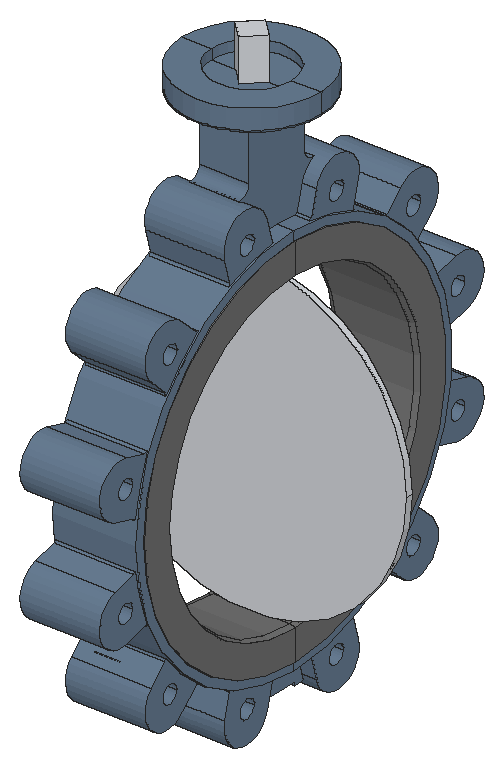
Revit family "Absperr- und Regulierklappe AF-4219", category Rohrzubehör, Revit 2021 (continued)
Lines and regions (mm)
  model lines, detail levels coarse+medium
    curve 5: line (-39, 183, 0) -> (39, -183, 0)
    curve 6: circle (0, 0, 0) r 5 normal (0, 0, 1)
    curve 7: line (-39, 0, 183) -> (-39, 0, -183)
    curve 8: line (-39, 0, -183) -> (39, 0, -183)
    curve 9: line (39, 0, -183) -> (39, 0, 183)
    curve 10: line (39, 0, 183) -> (-39, 0, 183)
    curve 11: line (39, 0, -183) -> (-39, 0, 183)
    curve 12: circle (0, 0, 0) r 5 normal (0, -1, 0)
Dimensions and locks
  "H01": Revolve 2 sketch curve to plane 2
  "H02": Revolve 2 sketch curve to Revolve 2 sketch curve
  "R01": Revolve 2 sketch curve to Revolve 2 sketch curve
  "D01": plane 2 to Revolve 1 sketch curve
  "D02": plane 2 to Revolve 1 sketch curve
  "D03": plane 2 to Revolve 1 sketch curve
  "L01": Revolve 1 sketch curve to plane 3 "Mitte (Links/rechts)"
  "L02": plane 3 "Mitte (Links/rechts)" to Revolve 1 sketch curve  (x2)
  "D05": Revolve 6 sketch curve to plane 2
  "D04": Revolve 6 sketch curve to plane 2  (x2)
  "D02": Revolve 6 sketch curve to plane 2  (x2)
  "L03": plane 3 "Mitte (Links/rechts)" to Revolve 6 sketch curve
  "L02": Revolve 6 sketch curve to plane 3 "Mitte (Links/rechts)"
  "L03": Revolve 6 sketch curve to plane 3 "Mitte (Links/rechts)"
  "L01": plane 3 "Mitte (Links/rechts)" to Revolve 1 sketch curve
  "D02": Revolve 1 sketch curve to plane 2
  "L02": plane 3 "Mitte (Links/rechts)" to Revolve 6 sketch curve
  "D03": plane 2 to Revolve 6 sketch curve
  "L04": Revolve 6 sketch curve to plane 3 "Mitte (Links/rechts)" to Revolve 6 sketch curve
  "L01": curve 2 to plane 3 "Mitte (Links/rechts)" to curve 4
  equal spacing: curve 3, curve 6, curve 1
  equal spacing: curve 2, curve 6, curve 4
  "D01": curve 1 to plane 1 "Mitte (Vorne/hinten)" to curve 3
  "L01": curve 7 to curve 12 to curve 9
  "D01": curve 10 to curve 12 to curve 8
  "H03": Revolve 2 sketch curve to Revolve 2 sketch curve
  "R02": Revolve 2 sketch curve to Revolve 2 sketch curve
  equal spacing: Extrusion 24 sketch curve, curve 11, Extrusion 24 sketch curve  (x2)
  "L05": Extrusion 24 sketch curve to Extrusion 24 sketch curve  (x2)
  "H04": Extrusion 24 to plane 2
  "H05": Extrusion 24 to Revolve 2
  "R99": radius of Revolve 2 sketch curve
  "D06": radius of Extrusion 7 sketch curve
  radius of curve 6 = 5.000 mm
  radius of curve 12 = 5.000 mm
  aligned and locked: level to plane 2
Automatic sketch dimensions
  Extrusion 3 sketch curve to Extrusion 3 sketch curve = 0.000 mm  (x20)
  Extrusion 3 sketch curve to level = 0.000 mm
  Extrusion 3 sketch curve to plane 1 "Mitte (Vorne/hinten)" = 0.000 mm
  plane 1 "Mitte (Vorne/hinten)" to Extrusion 3 sketch curve = 18.495 mm  (x2)
  Extrusion 3 sketch curve to Extrusion 3 sketch curve = 1.414 mm  (x16)
  Extrusion 3 sketch curve to Extrusion 3 sketch curve = 12.265 mm  (x8)
  Extrusion 3 sketch curve to level = 19.909 mm  (x2)
  Extrusion 3 sketch curve to Extrusion 3 sketch curve = 24.042 mm  (x8)
  level to Extrusion 3 sketch curve = 19.909 mm  (x2)
  Extrusion 3 sketch curve to Extrusion 3 sketch curve = 12.021 mm  (x12)
  Extrusion 3 sketch curve to plane 1 "Mitte (Vorne/hinten)" = 18.495 mm  (x2)
  Extrusion 3 sketch curve to Extrusion 3 sketch curve = 0.934 mm  (x4)
  Extrusion 4 sketch curve to level = 0.000 mm
  Extrusion 4 sketch curve to plane 1 "Mitte (Vorne/hinten)" = 0.000 mm
  plane 1 "Mitte (Vorne/hinten)" to Extrusion 4 sketch curve = 18.495 mm
  Extrusion 4 sketch curve to Extrusion 4 sketch curve = 1.414 mm  (x4)
  plane 1 "Mitte (Vorne/hinten)" to Extrusion 4 sketch curve = 20.000 mm
  Extrusion 4 sketch curve to Extrusion 4 sketch curve = 12.265 mm  (x2)
  Extrusion 4 sketch curve to Extrusion 4 sketch curve = 15.000 mm  (x2)
  Extrusion 4 sketch curve to Extrusion 4 sketch curve = 12.021 mm  (x4)
  Extrusion 4 sketch curve to plane 1 "Mitte (Vorne/hinten)" = 18.495 mm
  Extrusion 4 sketch curve to plane 1 "Mitte (Vorne/hinten)" = 20.000 mm
  level to Extrusion 4 sketch curve = 43.950 mm
  Extrusion 4 sketch curve to Extrusion 4 sketch curve = 0.000 mm
  Extrusion 4 sketch curve to Extrusion 4 sketch curve = 0.244 mm  (x2)
  Extrusion 4 sketch curve to Extrusion 4 sketch curve = 18.630 mm  (x2)
  Extrusion 4 sketch curve to Extrusion 4 sketch curve = 0.934 mm
  Extrusion 5 sketch curve to level = 0.000 mm
  Extrusion 5 sketch curve to plane 1 "Mitte (Vorne/hinten)" = 0.000 mm
  plane 1 "Mitte (Vorne/hinten)" to Extrusion 5 sketch curve = 15.000 mm
  Extrusion 5 sketch curve to Extrusion 5 sketch curve = 1.963 mm  (x2)
  Extrusion 5 sketch curve to Extrusion 5 sketch curve = 1.531 mm  (x2)
  Extrusion 5 sketch curve to Extrusion 5 sketch curve = 1.414 mm  (x4)
  Extrusion 5 sketch curve to Extrusion 5 sketch curve = 15.210 mm  (x2)
  Extrusion 5 sketch curve to Extrusion 5 sketch curve = 1.660 mm  (x2)
  Extrusion 5 sketch curve to Extrusion 5 sketch curve = 12.021 mm  (x3)
  Extrusion 5 sketch curve to plane 1 "Mitte (Vorne/hinten)" = 15.000 mm
  Extrusion 5 sketch curve to Extrusion 5 sketch curve = 1.037 mm  (x2)
  Extrusion 5 sketch curve to Extrusion 5 sketch curve = 1.400 mm  (x2)
  Extrusion 5 sketch curve to Extrusion 5 sketch curve = 1.785 mm  (x2)
  Extrusion 5 sketch curve to Extrusion 5 sketch curve = 12.635 mm  (x2)
  Extrusion 5 sketch curve to Extrusion 5 sketch curve = 0.934 mm
  Extrusion 5 sketch curve to Extrusion 5 sketch curve = 0.788 mm  (x2)
  Extrusion 5 sketch curve to Extrusion 5 sketch curve = 0.000 mm  (x2)
  Extrusion 4 sketch curve to Extrusion 4 sketch curve = 37.155 mm
  Extrusion 5 sketch curve to level = 43.950 mm
  Extrusion 8 sketch curve to Extrusion 8 sketch curve = 0.000 mm  (x12)
  Extrusion 8 sketch curve to level = 39.244 mm  (x2)
  plane 1 "Mitte (Vorne/hinten)" to Extrusion 8 sketch curve = 63.286 mm
  level to Extrusion 8 sketch curve = 39.244 mm  (x2)
  Extrusion 8 sketch curve to Extrusion 8 sketch curve = 9.190 mm  (x2)
  level to Extrusion 8 sketch curve = 28.614 mm  (x2)
  Extrusion 8 sketch curve to Extrusion 8 sketch curve = 1.441 mm  (x8)
  Extrusion 8 sketch curve to level = 28.614 mm  (x2)
  Extrusion 8 sketch curve to Extrusion 8 sketch curve = 12.021 mm  (x6)
  level to Extrusion 8 sketch curve = 63.286 mm  (x2)
  Extrusion 8 sketch curve to level = 63.286 mm  (x2)
  level to Extrusion 8 sketch curve = 52.636 mm  (x2)
  Extrusion 8 sketch curve to Extrusion 8 sketch curve = 10.650 mm  (x4)
  Extrusion 8 sketch curve to level = 52.636 mm  (x2)
  Extrusion 8 sketch curve to Extrusion 8 sketch curve = 1.414 mm  (x8)
  level to Extrusion 8 sketch curve = 0.001 mm  (x2)
  Extrusion 8 sketch curve to Extrusion 8 sketch curve = 28.594 mm
  Extrusion 8 sketch curve to level = 0.001 mm  (x2)
  Extrusion 8 sketch curve to Extrusion 8 sketch curve = 0.001 mm  (x2)
  Extrusion 8 sketch curve to Extrusion 8 sketch curve = 54.361 mm  (x2)
  Extrusion 8 sketch curve to Extrusion 8 sketch curve = 1.390 mm  (x2)
  Extrusion 8 sketch curve to Extrusion 8 sketch curve = 10.630 mm  (x2)
  Extrusion 8 sketch curve to Extrusion 8 sketch curve = 1.832 mm  (x2)
  Extrusion 9 sketch curve to Extrusion 9 sketch curve = 0.000 mm  (x5)
  Extrusion 9 sketch curve to level = 0.000 mm
  Extrusion 9 sketch curve to level = 51.265 mm
  plane 1 "Mitte (Vorne/hinten)" to Extrusion 9 sketch curve = 51.265 mm
  level to Extrusion 9 sketch curve = 51.265 mm
  Extrusion 9 sketch curve to Extrusion 9 sketch curve = 9.247 mm  (x3)
  Extrusion 9 sketch curve to level = 63.286 mm  (x2)
  Extrusion 9 sketch curve to Extrusion 9 sketch curve = 2.774 mm  (x4)
  level to Extrusion 9 sketch curve = 63.286 mm  (x2)
  Extrusion 9 sketch curve to Extrusion 9 sketch curve = 2.244 mm  (x2)
  Extrusion 9 sketch curve to Extrusion 9 sketch curve = 0.183 mm  (x2)
  level to Extrusion 9 sketch curve = 52.636 mm  (x2)
  Extrusion 9 sketch curve to Extrusion 9 sketch curve = 10.650 mm  (x3)
  Extrusion 9 sketch curve to level = 52.636 mm  (x2)
  Extrusion 9 sketch curve to Extrusion 9 sketch curve = 1.414 mm  (x8)
  Extrusion 9 sketch curve to Extrusion 9 sketch curve = 14.817 mm  (x2)
  Extrusion 9 sketch curve to Extrusion 9 sketch curve = 7.210 mm
  Extrusion 9 sketch curve to Extrusion 9 sketch curve = 1.971 mm
  Extrusion 9 sketch curve to Extrusion 9 sketch curve = 28.595 mm
  Extrusion 9 sketch curve to Extrusion 9 sketch curve = 36.000 mm
  Extrusion 9 sketch curve to Extrusion 9 sketch curve = 1.997 mm
  Extrusion 9 sketch curve to Extrusion 9 sketch curve = 44.000 mm
  Extrusion 9 sketch curve to Extrusion 9 sketch curve = 5.181 mm
  Extrusion 9 sketch curve to Extrusion 9 sketch curve = 7.184 mm
  Extrusion 9 sketch curve to Extrusion 9 sketch curve = 12.021 mm  (x2)
  Extrusion 9 sketch curve to Extrusion 9 sketch curve = 14.891 mm
  Extrusion 9 sketch curve to Extrusion 9 sketch curve = 6.473 mm
  Extrusion 9 sketch curve to Extrusion 9 sketch curve = 12.756 mm  (x2)
  Extrusion 9 sketch curve to Extrusion 9 sketch curve = 55.987 mm
  Extrusion 10 sketch curve to Extrusion 10 sketch curve = 0.000 mm  (x48)
  level to Extrusion 10 sketch curve = 14.909 mm  (x2)
  plane 1 "Mitte (Vorne/hinten)" to Extrusion 10 sketch curve = 80.416 mm
  Extrusion 10 sketch curve to level = 14.909 mm  (x2)
  Extrusion 10 sketch curve to Extrusion 10 sketch curve = 6.506 mm  (x6)
  Extrusion 10 sketch curve to level = 46.321 mm  (x2)
  level to Extrusion 10 sketch curve = 46.321 mm  (x2)
  Extrusion 10 sketch curve to level = 7.243 mm
  Extrusion 10 sketch curve to Extrusion 10 sketch curve = 13.321 mm
  level to Extrusion 10 sketch curve = 7.243 mm
  Extrusion 10 sketch curve to level = 9.076 mm  (x2)
  Extrusion 10 sketch curve to Extrusion 10 sketch curve = 0.759 mm  (x8)
  level to Extrusion 10 sketch curve = 9.076 mm  (x2)
  level to Extrusion 10 sketch curve = 40.487 mm  (x2)
  Extrusion 10 sketch curve to Extrusion 10 sketch curve = 14.082 mm  (x4)
  Extrusion 10 sketch curve to level = 40.487 mm  (x2)
  Extrusion 10 sketch curve to Extrusion 10 sketch curve = 0.758 mm  (x8)
  level to Extrusion 10 sketch curve = 67.405 mm  (x2)
  Extrusion 10 sketch curve to Extrusion 10 sketch curve = 6.243 mm  (x2)
  Extrusion 10 sketch curve to level = 67.405 mm  (x2)
  Extrusion 10 sketch curve to Extrusion 10 sketch curve = 10.245 mm  (x4)
  level to Extrusion 10 sketch curve = 53.322 mm  (x2)
  Extrusion 10 sketch curve to Extrusion 10 sketch curve = 1.831 mm  (x8)
  Extrusion 10 sketch curve to level = 53.322 mm  (x2)
  Extrusion 10 sketch curve to Extrusion 10 sketch curve = 15.706 mm  (x6)
  level to Extrusion 10 sketch curve = 80.416 mm  (x2)
  Extrusion 10 sketch curve to level = 80.416 mm  (x2)
  Extrusion 10 sketch curve to level = 66.335 mm  (x2)
  Extrusion 10 sketch curve to Extrusion 10 sketch curve = 5.832 mm  (x4)
  level to Extrusion 10 sketch curve = 66.335 mm  (x2)
  Extrusion 10 sketch curve to Extrusion 10 sketch curve = 1.833 mm  (x6)
  level to Extrusion 10 sketch curve = 0.000 mm
  Extrusion 10 sketch curve to Extrusion 10 sketch curve = 14.486 mm  (x2)
  Extrusion 10 sketch curve to Extrusion 10 sketch curve = 9.873 mm  (x2)
  Extrusion 10 sketch curve to Extrusion 10 sketch curve = 5.833 mm  (x2)
  Extrusion 10 sketch curve to Extrusion 10 sketch curve = 13.013 mm
  Extrusion 10 sketch curve to Extrusion 10 sketch curve = 14.081 mm  (x2)
  Extrusion 10 sketch curve to Extrusion 10 sketch curve = 1.973 mm  (x4)
  Extrusion 10 sketch curve to Extrusion 10 sketch curve = 1.544 mm  (x4)
  Extrusion 10 sketch curve to Extrusion 10 sketch curve = 1.243 mm  (x3)
  Extrusion 10 sketch curve to Extrusion 10 sketch curve = 0.211 mm  (x2)
  Extrusion 10 sketch curve to Extrusion 10 sketch curve = 0.002 mm  (x5)
  Extrusion 10 sketch curve to Extrusion 10 sketch curve = 0.213 mm  (x2)
  Extrusion 10 sketch curve to Extrusion 10 sketch curve = 41.076 mm
  Extrusion 10 sketch curve to level = 0.000 mm
  level to Extrusion 11 sketch curve = 100.814 mm
  plane 1 "Mitte (Vorne/hinten)" to Extrusion 11 sketch curve = 32.000 mm
  Extrusion 11 sketch curve to Extrusion 11 sketch curve = 1.385 mm
  Extrusion 11 sketch curve to Extrusion 11 sketch curve = 10.000 mm  (x2)
  Extrusion 11 sketch curve to level = 80.416 mm
  Extrusion 11 sketch curve to Extrusion 11 sketch curve = 15.706 mm  (x3)
  level to Extrusion 11 sketch curve = 80.416 mm  (x2)
  Extrusion 11 sketch curve to Extrusion 11 sketch curve = 1.409 mm
  Extrusion 11 sketch curve to level = 66.335 mm  (x2)
  Extrusion 11 sketch curve to Extrusion 11 sketch curve = 5.832 mm  (x3)
  level to Extrusion 11 sketch curve = 66.335 mm  (x2)
  Extrusion 11 sketch curve to Extrusion 11 sketch curve = 1.833 mm  (x4)
  level to Extrusion 11 sketch curve = 0.554 mm
  Extrusion 11 sketch curve to Extrusion 11 sketch curve = 9.076 mm
  Extrusion 11 sketch curve to level = 0.554 mm
  Extrusion 11 sketch curve to Extrusion 11 sketch curve = 0.000 mm  (x3)
  Extrusion 11 sketch curve to Extrusion 11 sketch curve = 14.486 mm  (x2)
  Extrusion 11 sketch curve to Extrusion 11 sketch curve = 44.000 mm
  Extrusion 11 sketch curve to Extrusion 11 sketch curve = 0.759 mm  (x4)
  Extrusion 11 sketch curve to Extrusion 11 sketch curve = 6.506 mm
  Extrusion 11 sketch curve to Extrusion 11 sketch curve = 42.686 mm
  Extrusion 11 sketch curve to level = 80.371 mm
  Extrusion 11 sketch curve to Extrusion 11 sketch curve = 1.390 mm
  Extrusion 11 sketch curve to Extrusion 11 sketch curve = 27.000 mm
  Extrusion 12 sketch curve to Extrusion 12 sketch curve = 0.000 mm  (x40)
  Extrusion 12 sketch curve to level = 0.000 mm
  level to Extrusion 12 sketch curve = 18.736 mm  (x2)
  plane 1 "Mitte (Vorne/hinten)" to Extrusion 12 sketch curve = 89.655 mm
  Extrusion 12 sketch curve to level = 18.736 mm  (x2)
  Extrusion 12 sketch curve to Extrusion 12 sketch curve = 6.506 mm  (x6)
  Extrusion 12 sketch curve to level = 50.147 mm  (x2)
  level to Extrusion 12 sketch curve = 50.147 mm  (x2)
  Extrusion 12 sketch curve to Extrusion 12 sketch curve = 13.415 mm  (x2)
  Extrusion 12 sketch curve to level = 12.858 mm  (x2)
  Extrusion 12 sketch curve to Extrusion 12 sketch curve = 0.776 mm  (x8)
  level to Extrusion 12 sketch curve = 12.858 mm  (x2)
  Extrusion 12 sketch curve to level = 44.269 mm  (x2)
  Extrusion 12 sketch curve to Extrusion 12 sketch curve = 14.192 mm  (x4)
  level to Extrusion 12 sketch curve = 44.269 mm  (x2)
  Extrusion 12 sketch curve to Extrusion 12 sketch curve = 0.775 mm  (x8)
  level to Extrusion 12 sketch curve = 76.644 mm  (x2)
  Extrusion 12 sketch curve to Extrusion 12 sketch curve = 11.529 mm  (x2)
  Extrusion 12 sketch curve to level = 76.644 mm  (x2)
  Extrusion 12 sketch curve to Extrusion 12 sketch curve = 4.008 mm  (x2)
  level to Extrusion 12 sketch curve = 62.451 mm  (x2)
  Extrusion 12 sketch curve to Extrusion 12 sketch curve = 1.871 mm  (x8)
  Extrusion 12 sketch curve to level = 62.451 mm  (x2)
  Extrusion 12 sketch curve to Extrusion 12 sketch curve = 15.706 mm  (x6)
  level to Extrusion 12 sketch curve = 89.655 mm  (x2)
  Extrusion 12 sketch curve to level = 89.655 mm  (x2)
  Extrusion 12 sketch curve to level = 75.464 mm  (x2)
  Extrusion 12 sketch curve to Extrusion 12 sketch curve = 5.878 mm  (x4)
  level to Extrusion 12 sketch curve = 75.464 mm  (x2)
  Extrusion 12 sketch curve to Extrusion 12 sketch curve = 1.873 mm  (x8)
  Extrusion 12 sketch curve to Extrusion 12 sketch curve = 21.969 mm  (x2)
  Extrusion 12 sketch curve to Extrusion 12 sketch curve = 9.827 mm  (x2)
  Extrusion 12 sketch curve to Extrusion 12 sketch curve = 5.879 mm  (x2)
  Extrusion 12 sketch curve to Extrusion 12 sketch curve = 15.537 mm  (x2)
  Extrusion 12 sketch curve to Extrusion 12 sketch curve = 13.013 mm
  Extrusion 12 sketch curve to Extrusion 12 sketch curve = 14.190 mm  (x2)
  Extrusion 12 sketch curve to Extrusion 12 sketch curve = 44.269 mm
  Extrusion 13 sketch curve to Extrusion 13 sketch curve = 0.000 mm  (x5)
  Extrusion 13 sketch curve to level = 0.000 mm
  level to Extrusion 13 sketch curve = 114.470 mm
  plane 1 "Mitte (Vorne/hinten)" to Extrusion 13 sketch curve = 41.000 mm
  Extrusion 13 sketch curve to level = 83.149 mm
  Extrusion 13 sketch curve to Extrusion 13 sketch curve = 6.558 mm  (x2)
  Extrusion 13 sketch curve to Extrusion 13 sketch curve = 15.000 mm  (x2)
  level to Extrusion 13 sketch curve = 89.655 mm  (x2)
  Extrusion 13 sketch curve to Extrusion 13 sketch curve = 15.706 mm  (x2)
  Extrusion 13 sketch curve to Extrusion 13 sketch curve = 5.236 mm  (x2)
  level to Extrusion 13 sketch curve = 75.464 mm  (x2)
  Extrusion 13 sketch curve to Extrusion 13 sketch curve = 5.878 mm  (x3)
  Extrusion 13 sketch curve to level = 75.464 mm  (x2)
  Extrusion 13 sketch curve to Extrusion 13 sketch curve = 1.873 mm  (x4)
  Extrusion 13 sketch curve to Extrusion 13 sketch curve = 12.858 mm
  Extrusion 13 sketch curve to Extrusion 13 sketch curve = 21.969 mm
  Extrusion 13 sketch curve to Extrusion 13 sketch curve = 3.345 mm
  Extrusion 13 sketch curve to Extrusion 13 sketch curve = 3.000 mm  (x2)
  Extrusion 13 sketch curve to Extrusion 13 sketch curve = 6.506 mm  (x3)
  Extrusion 13 sketch curve to Extrusion 13 sketch curve = 0.776 mm  (x4)
  Extrusion 13 sketch curve to Extrusion 13 sketch curve = 31.321 mm
  Extrusion 13 sketch curve to Extrusion 13 sketch curve = 52.530 mm
  Extrusion 13 sketch curve to Extrusion 13 sketch curve = 11.129 mm  (x2)
  Extrusion 13 sketch curve to Extrusion 13 sketch curve = 9.812 mm  (x2)
  Extrusion 13 sketch curve to Extrusion 13 sketch curve = 3.078 mm
  Extrusion 13 sketch curve to Extrusion 13 sketch curve = 21.680 mm
  Extrusion 13 sketch curve to Extrusion 13 sketch curve = 2.515 mm
  Extrusion 13 sketch curve to Extrusion 13 sketch curve = 52.000 mm
  Extrusion 14 sketch curve to Extrusion 14 sketch curve = 0.000 mm  (x22)
  Extrusion 14 sketch curve to level = 24.476 mm  (x2)
  plane 1 "Mitte (Vorne/hinten)" to Extrusion 14 sketch curve = 103.513 mm
  level to Extrusion 14 sketch curve = 24.476 mm  (x2)
  Extrusion 14 sketch curve to Extrusion 14 sketch curve = 6.506 mm  (x6)
  Extrusion 14 sketch curve to Extrusion 14 sketch curve = 11.623 mm  (x2)
  Extrusion 14 sketch curve to level = 19.351 mm  (x2)
  Extrusion 14 sketch curve to Extrusion 14 sketch curve = 0.749 mm  (x8)
  level to Extrusion 14 sketch curve = 19.351 mm  (x2)
  Extrusion 14 sketch curve to level = 55.888 mm  (x2)
  level to Extrusion 14 sketch curve = 55.888 mm  (x2)
  Extrusion 14 sketch curve to level = 50.783 mm  (x2)
  Extrusion 14 sketch curve to Extrusion 14 sketch curve = 12.323 mm  (x4)
  level to Extrusion 14 sketch curve = 50.783 mm  (x2)
  Extrusion 14 sketch curve to Extrusion 14 sketch curve = 0.774 mm  (x8)
  level to Extrusion 14 sketch curve = 90.502 mm  (x2)
  Extrusion 14 sketch curve to Extrusion 14 sketch curve = 21.517 mm  (x2)
  Extrusion 14 sketch curve to level = 90.502 mm  (x2)
  Extrusion 14 sketch curve to Extrusion 14 sketch curve = 3.235 mm  (x2)
  Extrusion 14 sketch curve to level = 78.179 mm  (x2)
  Extrusion 14 sketch curve to Extrusion 14 sketch curve = 1.869 mm  (x8)
  level to Extrusion 14 sketch curve = 78.179 mm  (x2)
  Extrusion 14 sketch curve to Extrusion 14 sketch curve = 15.706 mm  (x6)
  level to Extrusion 14 sketch curve = 103.513 mm  (x2)
  Extrusion 14 sketch curve to level = 103.513 mm  (x2)
  level to Extrusion 14 sketch curve = 91.141 mm  (x2)
  Extrusion 14 sketch curve to Extrusion 14 sketch curve = 5.125 mm  (x4)
  Extrusion 14 sketch curve to level = 91.141 mm  (x2)
  Extrusion 14 sketch curve to Extrusion 14 sketch curve = 1.809 mm  (x8)
  Extrusion 14 sketch curve to level = 0.103 mm  (x2)
  Extrusion 14 sketch curve to Extrusion 14 sketch curve = 90.896 mm
  level to Extrusion 14 sketch curve = 0.103 mm  (x2)
  Extrusion 14 sketch curve to Extrusion 14 sketch curve = 0.142 mm  (x7)
  Extrusion 14 sketch curve to Extrusion 14 sketch curve = 0.207 mm  (x2)
  Extrusion 14 sketch curve to Extrusion 14 sketch curve = 35.084 mm  (x2)
  Extrusion 14 sketch curve to Extrusion 14 sketch curve = 10.601 mm  (x2)
  Extrusion 14 sketch curve to Extrusion 14 sketch curve = 5.104 mm  (x2)
  Extrusion 14 sketch curve to Extrusion 14 sketch curve = 24.752 mm  (x2)
  Extrusion 14 sketch curve to Extrusion 14 sketch curve = 12.962 mm  (x2)
  Extrusion 14 sketch curve to Extrusion 14 sketch curve = 12.372 mm  (x2)
  Extrusion 14 sketch curve to level = 0.245 mm
  Extrusion 14 sketch curve to Extrusion 14 sketch curve = 1.933 mm  (x2)
  Extrusion 14 sketch curve to Extrusion 14 sketch curve = 0.314 mm  (x2)
  level to Extrusion 15 sketch curve = 97.007 mm
  plane 1 "Mitte (Vorne/hinten)" to Extrusion 15 sketch curve = 40.182 mm
  Extrusion 15 sketch curve to level = 97.007 mm
  Extrusion 15 sketch curve to Extrusion 15 sketch curve = 0.000 mm  (x7)
  Extrusion 15 sketch curve to Extrusion 15 sketch curve = 4.132 mm
  Extrusion 15 sketch curve to Extrusion 15 sketch curve = 10.048 mm  (x2)
  Extrusion 15 sketch curve to Extrusion 15 sketch curve = 15.706 mm  (x3)
  level to Extrusion 15 sketch curve = 103.513 mm  (x2)
  level to Extrusion 15 sketch curve = 91.141 mm  (x2)
  Extrusion 15 sketch curve to Extrusion 15 sketch curve = 5.125 mm  (x3)
  Extrusion 15 sketch curve to level = 91.141 mm  (x2)
  Extrusion 15 sketch curve to Extrusion 15 sketch curve = 1.809 mm  (x4)
  Extrusion 15 sketch curve to Extrusion 15 sketch curve = 10.974 mm  (x2)
  Extrusion 15 sketch curve to level = 0.111 mm
  Extrusion 15 sketch curve to Extrusion 15 sketch curve = 19.350 mm
  level to Extrusion 15 sketch curve = 0.111 mm
  Extrusion 15 sketch curve to Extrusion 15 sketch curve = 35.081 mm
  Extrusion 15 sketch curve to Extrusion 15 sketch curve = 4.041 mm
  Extrusion 15 sketch curve to level = 103.513 mm
  Extrusion 15 sketch curve to Extrusion 15 sketch curve = 9.998 mm  (x2)
  Extrusion 15 sketch curve to Extrusion 15 sketch curve = 3.000 mm
  Extrusion 15 sketch curve to Extrusion 15 sketch curve = 6.505 mm  (x2)
  Extrusion 15 sketch curve to Extrusion 15 sketch curve = 0.749 mm  (x4)
  Extrusion 15 sketch curve to Extrusion 15 sketch curve = 20.176 mm  (x2)
  Extrusion 15 sketch curve to Extrusion 15 sketch curve = 62.311 mm
  Extrusion 15 sketch curve to Extrusion 15 sketch curve = 0.048 mm
  Extrusion 15 sketch curve to Extrusion 15 sketch curve = 11.626 mm  (x2)
  Extrusion 15 sketch curve to Extrusion 15 sketch curve = 27.000 mm
  Extrusion 15 sketch curve to Extrusion 15 sketch curve = 52.000 mm
  Extrusion 16 sketch curve to Extrusion 16 sketch curve = 0.000 mm  (x23)
  Extrusion 16 sketch curve to level = 26.521 mm  (x2)
  plane 1 "Mitte (Vorne/hinten)" to Extrusion 16 sketch curve = 118.902 mm
  level to Extrusion 16 sketch curve = 26.521 mm  (x2)
  Extrusion 16 sketch curve to Extrusion 16 sketch curve = 8.036 mm  (x6)
  Extrusion 16 sketch curve to Extrusion 16 sketch curve = 15.875 mm  (x2)
  level to Extrusion 16 sketch curve = 65.323 mm  (x2)
  Extrusion 16 sketch curve to level = 65.323 mm  (x2)
  level to Extrusion 16 sketch curve = 19.621 mm  (x2)
  Extrusion 16 sketch curve to Extrusion 16 sketch curve = 0.782 mm  (x8)
  Extrusion 16 sketch curve to level = 19.621 mm  (x2)
  Extrusion 16 sketch curve to level = 58.409 mm  (x2)
  Extrusion 16 sketch curve to Extrusion 16 sketch curve = 16.693 mm  (x4)
  level to Extrusion 16 sketch curve = 58.409 mm  (x2)
  Extrusion 16 sketch curve to Extrusion 16 sketch curve = 0.763 mm  (x8)
  Extrusion 16 sketch curve to level = 102.829 mm  (x2)
  Extrusion 16 sketch curve to Extrusion 16 sketch curve = 20.050 mm  (x2)
  level to Extrusion 16 sketch curve = 102.829 mm  (x2)
  Extrusion 16 sketch curve to Extrusion 16 sketch curve = 5.074 mm  (x2)
  level to Extrusion 16 sketch curve = 86.136 mm  (x2)
  Extrusion 16 sketch curve to Extrusion 16 sketch curve = 1.841 mm  (x8)
  Extrusion 16 sketch curve to level = 86.136 mm  (x2)
  Extrusion 16 sketch curve to Extrusion 16 sketch curve = 19.401 mm  (x6)
  level to Extrusion 16 sketch curve = 118.902 mm  (x2)
  Extrusion 16 sketch curve to level = 118.902 mm  (x2)
  level to Extrusion 16 sketch curve = 102.246 mm  (x2)
  Extrusion 16 sketch curve to Extrusion 16 sketch curve = 6.899 mm  (x4)
  Extrusion 16 sketch curve to level = 102.246 mm  (x2)
  Extrusion 16 sketch curve to Extrusion 16 sketch curve = 1.887 mm  (x8)
  level to Extrusion 16 sketch curve = 0.002 mm  (x2)
  Extrusion 16 sketch curve to Extrusion 16 sketch curve = 86.133 mm
  Extrusion 16 sketch curve to level = 0.002 mm
  Extrusion 16 sketch curve to Extrusion 16 sketch curve = 0.001 mm  (x8)
  Extrusion 16 sketch curve to Extrusion 16 sketch curve = 35.469 mm  (x2)
  Extrusion 16 sketch curve to Extrusion 16 sketch curve = 12.487 mm  (x2)
  Extrusion 16 sketch curve to Extrusion 16 sketch curve = 6.914 mm  (x2)
  Extrusion 16 sketch curve to Extrusion 16 sketch curve = 25.124 mm  (x2)
  Extrusion 16 sketch curve to Extrusion 16 sketch curve = 16.110 mm
  Extrusion 16 sketch curve to Extrusion 16 sketch curve = 16.656 mm  (x2)
  Extrusion 16 sketch curve to level = 0.003 mm
  Extrusion 16 sketch curve to Extrusion 16 sketch curve = 2.019 mm  (x2)
  Extrusion 16 sketch curve to Extrusion 16 sketch curve = 0.309 mm  (x2)
  Extrusion 16 sketch curve to Extrusion 16 sketch curve = 0.004 mm  (x2)
  Extrusion 17 sketch curve to Extrusion 17 sketch curve = 0.000 mm  (x7)
  Extrusion 17 sketch curve to level = 0.000 mm
  Extrusion 17 sketch curve to plane 1 "Mitte (Vorne/hinten)" = 0.000 mm
  plane 1 "Mitte (Vorne/hinten)" to Extrusion 17 sketch curve = 13.500 mm
  plane 1 "Mitte (Vorne/hinten)" to Extrusion 17 sketch curve = 17.734 mm  (x2)
  Extrusion 17 sketch curve to Extrusion 17 sketch curve = 1.887 mm  (x4)
  plane 1 "Mitte (Vorne/hinten)" to Extrusion 17 sketch curve = 26.000 mm
  Extrusion 17 sketch curve to Extrusion 17 sketch curve = 0.521 mm
  Extrusion 17 sketch curve to Extrusion 17 sketch curve = 13.021 mm  (x2)
  Extrusion 17 sketch curve to Extrusion 17 sketch curve = 4.341 mm  (x2)
  Extrusion 17 sketch curve to Extrusion 17 sketch curve = 10.000 mm  (x2)
  Extrusion 17 sketch curve to Extrusion 17 sketch curve = 19.401 mm  (x4)
  Extrusion 17 sketch curve to plane 1 "Mitte (Vorne/hinten)" = 13.500 mm
  Extrusion 17 sketch curve to plane 1 "Mitte (Vorne/hinten)" = 17.734 mm  (x2)
  Extrusion 17 sketch curve to Extrusion 17 sketch curve = 6.899 mm
  Extrusion 17 sketch curve to level = 102.246 mm
  Extrusion 17 sketch curve to Extrusion 17 sketch curve = 0.782 mm  (x4)
  Extrusion 17 sketch curve to Extrusion 17 sketch curve = 8.620 mm  (x4)
  Extrusion 17 sketch curve to Extrusion 17 sketch curve = 16.656 mm  (x4)
  Extrusion 17 sketch curve to Extrusion 17 sketch curve = 3.000 mm
  level to Extrusion 17 sketch curve = 102.246 mm
  Extrusion 17 sketch curve to Extrusion 17 sketch curve = 16.098 mm  (x2)
  Extrusion 17 sketch curve to Extrusion 17 sketch curve = 64.000 mm
  Extrusion 17 sketch curve to Extrusion 17 sketch curve = 4.938 mm
  Extrusion 18 sketch curve to Extrusion 18 sketch curve = 0.000 mm  (x62)
  Extrusion 18 sketch curve to level = 0.000 mm
  Extrusion 18 sketch curve to level = 17.891 mm  (x2)
  plane 1 "Mitte (Vorne/hinten)" to Extrusion 18 sketch curve = 147.909 mm
  level to Extrusion 18 sketch curve = 17.891 mm  (x2)
  Extrusion 18 sketch curve to Extrusion 18 sketch curve = 5.435 mm  (x6)
  Extrusion 18 sketch curve to level = 58.460 mm  (x2)
  level to Extrusion 18 sketch curve = 58.460 mm  (x2)
  Extrusion 18 sketch curve to Extrusion 18 sketch curve = 15.462 mm  (x2)
  level to Extrusion 18 sketch curve = 13.612 mm  (x2)
  Extrusion 18 sketch curve to Extrusion 18 sketch curve = 0.509 mm  (x8)
  Extrusion 18 sketch curve to level = 13.612 mm  (x2)
  Extrusion 18 sketch curve to level = 54.199 mm  (x2)
  Extrusion 18 sketch curve to Extrusion 18 sketch curve = 15.903 mm  (x4)
  level to Extrusion 18 sketch curve = 54.199 mm  (x2)
  Extrusion 18 sketch curve to Extrusion 18 sketch curve = 0.530 mm  (x8)
  Extrusion 18 sketch curve to level = 89.449 mm  (x2)
  Extrusion 18 sketch curve to Extrusion 18 sketch curve = 1.459 mm  (x2)
  level to Extrusion 18 sketch curve = 89.449 mm  (x2)
  Extrusion 18 sketch curve to Extrusion 18 sketch curve = 10.302 mm  (x2)
  Extrusion 18 sketch curve to level = 77.758 mm  (x2)
  Extrusion 18 sketch curve to Extrusion 18 sketch curve = 1.389 mm  (x8)
  level to Extrusion 18 sketch curve = 77.758 mm  (x2)
  Extrusion 18 sketch curve to Extrusion 18 sketch curve = 14.849 mm  (x6)
  Extrusion 18 sketch curve to level = 119.147 mm  (x2)
  level to Extrusion 18 sketch curve = 119.147 mm  (x2)
  level to Extrusion 18 sketch curve = 107.506 mm  (x2)
  Extrusion 18 sketch curve to Extrusion 18 sketch curve = 11.642 mm  (x4)
  Extrusion 18 sketch curve to level = 107.506 mm  (x2)
  Extrusion 18 sketch curve to Extrusion 18 sketch curve = 1.448 mm  (x8)
  level to Extrusion 18 sketch curve = 137.039 mm  (x2)
  Extrusion 18 sketch curve to Extrusion 18 sketch curve = 17.899 mm  (x2)
  Extrusion 18 sketch curve to level = 137.039 mm  (x2)
  Extrusion 18 sketch curve to Extrusion 18 sketch curve = 2.283 mm  (x2)
  Extrusion 18 sketch curve to level = 121.136 mm  (x2)
  Extrusion 18 sketch curve to Extrusion 18 sketch curve = 1.978 mm  (x8)
  level to Extrusion 18 sketch curve = 121.136 mm  (x2)
  Extrusion 18 sketch curve to Extrusion 18 sketch curve = 20.284 mm  (x6)
  Extrusion 18 sketch curve to level = 147.909 mm  (x2)
  level to Extrusion 18 sketch curve = 147.909 mm  (x2)
  level to Extrusion 18 sketch curve = 131.939 mm  (x2)
  Extrusion 18 sketch curve to Extrusion 18 sketch curve = 4.279 mm  (x4)
  Extrusion 18 sketch curve to level = 131.939 mm  (x2)
  Extrusion 18 sketch curve to Extrusion 18 sketch curve = 1.898 mm  (x8)
  Extrusion 18 sketch curve to Extrusion 18 sketch curve = 13.612 mm
  Extrusion 18 sketch curve to Extrusion 18 sketch curve = 23.429 mm  (x2)
  Extrusion 18 sketch curve to Extrusion 18 sketch curve = 16.023 mm  (x2)
  Extrusion 18 sketch curve to Extrusion 18 sketch curve = 4.261 mm  (x2)
  Extrusion 18 sketch curve to Extrusion 18 sketch curve = 20.183 mm  (x2)
  Extrusion 18 sketch curve to Extrusion 18 sketch curve = 3.158 mm  (x2)
  Extrusion 18 sketch curve to Extrusion 18 sketch curve = 11.691 mm  (x2)
  Extrusion 18 sketch curve to Extrusion 18 sketch curve = 11.760 mm  (x2)
  Extrusion 18 sketch curve to Extrusion 18 sketch curve = 10.803 mm
  Extrusion 18 sketch curve to Extrusion 18 sketch curve = 15.970 mm  (x2)
  Extrusion 19 sketch curve to Extrusion 19 sketch curve = 0.000 mm  (x5)
  Extrusion 19 sketch curve to level = 0.000 mm
  Extrusion 19 sketch curve to level = 142.474 mm
  plane 1 "Mitte (Vorne/hinten)" to Extrusion 19 sketch curve = 38.176 mm
  level to Extrusion 19 sketch curve = 142.474 mm
  Extrusion 19 sketch curve to Extrusion 19 sketch curve = 8.163 mm
  Extrusion 19 sketch curve to Extrusion 19 sketch curve = 2.013 mm  (x2)
  Extrusion 19 sketch curve to level = 147.909 mm
  Extrusion 19 sketch curve to Extrusion 19 sketch curve = 20.284 mm  (x3)
  level to Extrusion 19 sketch curve = 147.909 mm  (x2)
  Extrusion 19 sketch curve to Extrusion 19 sketch curve = 10.109 mm
  Extrusion 19 sketch curve to level = 131.939 mm  (x2)
  Extrusion 19 sketch curve to Extrusion 19 sketch curve = 4.279 mm  (x4)
  level to Extrusion 19 sketch curve = 131.939 mm  (x2)
  Extrusion 19 sketch curve to Extrusion 19 sketch curve = 1.898 mm  (x4)
  Extrusion 19 sketch curve to Extrusion 19 sketch curve = 13.612 mm
  Extrusion 19 sketch curve to Extrusion 19 sketch curve = 23.429 mm  (x2)
  Extrusion 19 sketch curve to Extrusion 19 sketch curve = 56.000 mm
  Extrusion 19 sketch curve to Extrusion 19 sketch curve = 5.435 mm  (x2)
  Extrusion 19 sketch curve to Extrusion 19 sketch curve = 0.509 mm  (x4)
  Extrusion 19 sketch curve to Extrusion 19 sketch curve = 16.081 mm  (x2)
  Extrusion 19 sketch curve to Extrusion 19 sketch curve = 66.010 mm
  Extrusion 19 sketch curve to Extrusion 19 sketch curve = 1.832 mm  (x2)
  Extrusion 19 sketch curve to Extrusion 19 sketch curve = 0.173 mm
  Extrusion 20 sketch curve to level = 22.097 mm  (x2)
  plane 1 "Mitte (Vorne/hinten)" to Extrusion 20 sketch curve = 177.618 mm
  level to Extrusion 20 sketch curve = 22.097 mm  (x2)
  Extrusion 20 sketch curve to Extrusion 20 sketch curve = 0.000 mm  (x17)
  Extrusion 20 sketch curve to Extrusion 20 sketch curve = 6.470 mm  (x4)
  Extrusion 20 sketch curve to Extrusion 20 sketch curve = 2.415 mm  (x8)
  level to Extrusion 20 sketch curve = 70.393 mm  (x2)
  Extrusion 20 sketch curve to level = 70.393 mm  (x2)
  Extrusion 20 sketch curve to Extrusion 20 sketch curve = 18.556 mm  (x2)
  Extrusion 20 sketch curve to level = 16.983 mm  (x2)
  Extrusion 20 sketch curve to Extrusion 20 sketch curve = 0.529 mm  (x16)
  level to Extrusion 20 sketch curve = 16.983 mm  (x2)
  level to Extrusion 20 sketch curve = 65.280 mm  (x2)
  Extrusion 20 sketch curve to Extrusion 20 sketch curve = 19.085 mm  (x6)
  Extrusion 20 sketch curve to level = 65.280 mm  (x2)
  Extrusion 20 sketch curve to level = 107.956 mm  (x2)
  Extrusion 20 sketch curve to Extrusion 20 sketch curve = 2.085 mm  (x2)
  level to Extrusion 20 sketch curve = 107.956 mm  (x2)
  Extrusion 20 sketch curve to Extrusion 20 sketch curve = 12.527 mm  (x2)
  level to Extrusion 20 sketch curve = 93.984 mm  (x2)
  Extrusion 20 sketch curve to Extrusion 20 sketch curve = 1.445 mm  (x16)
  Extrusion 20 sketch curve to level = 93.984 mm  (x2)
  Extrusion 20 sketch curve to Extrusion 20 sketch curve = 17.678 mm  (x4)
  Extrusion 20 sketch curve to Extrusion 20 sketch curve = 1.768 mm  (x8)
  level to Extrusion 20 sketch curve = 143.311 mm  (x2)
  Extrusion 20 sketch curve to level = 143.311 mm  (x2)
  Extrusion 20 sketch curve to level = 129.340 mm  (x2)
  Extrusion 20 sketch curve to Extrusion 20 sketch curve = 13.971 mm  (x6)
  level to Extrusion 20 sketch curve = 129.340 mm  (x2)
  level to Extrusion 20 sketch curve = 164.981 mm  (x2)
  Extrusion 20 sketch curve to Extrusion 20 sketch curve = 22.118 mm  (x2)
  Extrusion 20 sketch curve to level = 164.981 mm  (x2)
  Extrusion 20 sketch curve to Extrusion 20 sketch curve = 3.140 mm  (x2)
  level to Extrusion 20 sketch curve = 145.897 mm  (x2)
  Extrusion 20 sketch curve to Extrusion 20 sketch curve = 1.974 mm  (x8)
  Extrusion 20 sketch curve to level = 145.897 mm  (x2)
  Extrusion 20 sketch curve to Extrusion 20 sketch curve = 24.148 mm  (x4)
  Extrusion 20 sketch curve to Extrusion 20 sketch curve = 0.647 mm  (x8)
  level to Extrusion 20 sketch curve = 177.922 mm  (x2)
  Extrusion 20 sketch curve to level = 177.922 mm  (x2)
  level to Extrusion 20 sketch curve = 158.837 mm  (x2)
  Extrusion 20 sketch curve to Extrusion 20 sketch curve = 5.114 mm  (x6)
  Extrusion 20 sketch curve to level = 158.837 mm  (x2)
  Extrusion 20 sketch curve to Extrusion 20 sketch curve = 1.973 mm  (x8)
  Extrusion 20 sketch curve to level = 0.226 mm  (x2)
  Extrusion 20 sketch curve to Extrusion 20 sketch curve = 158.098 mm
  level to Extrusion 20 sketch curve = 0.226 mm
  level to Extrusion 20 sketch curve = 0.072 mm
  Extrusion 20 sketch curve to Extrusion 20 sketch curve = 0.128 mm  (x3)
  Extrusion 20 sketch curve to level = 0.072 mm
  Extrusion 20 sketch curve to Extrusion 20 sketch curve = 0.061 mm  (x4)
  Extrusion 20 sketch curve to level = 0.036 mm  (x2)
  Extrusion 20 sketch curve to Extrusion 20 sketch curve = 0.324 mm
  Extrusion 20 sketch curve to Extrusion 20 sketch curve = 29.244 mm  (x2)
  Extrusion 20 sketch curve to Extrusion 20 sketch curve = 23.501 mm  (x2)
  Extrusion 20 sketch curve to Extrusion 20 sketch curve = 19.681 mm  (x2)
  Extrusion 20 sketch curve to Extrusion 20 sketch curve = 25.258 mm  (x2)
  Extrusion 20 sketch curve to Extrusion 20 sketch curve = 15.910 mm  (x2)
  Extrusion 20 sketch curve to Extrusion 20 sketch curve = 5.474 mm  (x2)
  Extrusion 20 sketch curve to Extrusion 20 sketch curve = 14.612 mm  (x2)
  Extrusion 20 sketch curve to Extrusion 20 sketch curve = 12.940 mm
  Extrusion 20 sketch curve to Extrusion 20 sketch curve = 4.056 mm  (x2)
  Extrusion 20 sketch curve to Extrusion 20 sketch curve = 0.035 mm  (x2)
  level to Extrusion 20 sketch curve = 0.036 mm  (x2)
  Extrusion 20 sketch curve to Extrusion 20 sketch curve = 0.154 mm
  Extrusion 20 sketch curve to Extrusion 20 sketch curve = 2.037 mm  (x4)
  Extrusion 20 sketch curve to Extrusion 20 sketch curve = 1.856 mm  (x4)
  Extrusion 20 sketch curve to Extrusion 20 sketch curve = 1.841 mm  (x4)
  Extrusion 20 sketch curve to Extrusion 20 sketch curve = 1.179 mm  (x4)
  Extrusion 20 sketch curve to Extrusion 20 sketch curve = 0.856 mm  (x4)
  Extrusion 20 sketch curve to Extrusion 20 sketch curve = 0.153 mm  (x4)
  level to Extrusion 21 sketch curve = 171.452 mm
  plane 1 "Mitte (Vorne/hinten)" to Extrusion 21 sketch curve = 45.940 mm
  Extrusion 21 sketch curve to level = 171.452 mm
  Extrusion 21 sketch curve to Extrusion 21 sketch curve = 0.000 mm  (x2)
  Extrusion 21 sketch curve to Extrusion 21 sketch curve = 6.907 mm
  Extrusion 21 sketch curve to Extrusion 21 sketch curve = 11.901 mm
  Extrusion 21 sketch curve to Extrusion 21 sketch curve = 1.957 mm  (x2)
  Extrusion 21 sketch curve to level = 177.922 mm  (x2)
  Extrusion 21 sketch curve to Extrusion 21 sketch curve = 17.241 mm
  level to Extrusion 21 sketch curve = 177.922 mm  (x2)
  Extrusion 21 sketch curve to Extrusion 21 sketch curve = 10.291 mm  (x2)
  Extrusion 21 sketch curve to Extrusion 21 sketch curve = 0.709 mm  (x2)
  level to Extrusion 21 sketch curve = 158.808 mm  (x2)
  Extrusion 21 sketch curve to Extrusion 21 sketch curve = 5.122 mm  (x3)
  Extrusion 21 sketch curve to level = 158.808 mm  (x2)
  Extrusion 21 sketch curve to Extrusion 21 sketch curve = 1.932 mm  (x4)
  level to Extrusion 21 sketch curve = 0.021 mm
  Extrusion 21 sketch curve to Extrusion 21 sketch curve = 16.588 mm
  Extrusion 21 sketch curve to Extrusion 21 sketch curve = 29.311 mm  (x2)
  Extrusion 21 sketch curve to Extrusion 21 sketch curve = 24.148 mm
  Extrusion 21 sketch curve to Extrusion 21 sketch curve = 17.557 mm
  Extrusion 21 sketch curve to Extrusion 21 sketch curve = 3.000 mm
  Extrusion 21 sketch curve to Extrusion 21 sketch curve = 6.470 mm  (x2)
  Extrusion 21 sketch curve to Extrusion 21 sketch curve = 0.518 mm  (x4)
  Extrusion 21 sketch curve to level = 0.021 mm
  Extrusion 21 sketch curve to Extrusion 21 sketch curve = 17.717 mm  (x2)
  Extrusion 21 sketch curve to Extrusion 21 sketch curve = 67.361 mm
  Extrusion 21 sketch curve to Extrusion 21 sketch curve = 0.120 mm  (x2)
  Extrusion 21 sketch curve to Extrusion 21 sketch curve = 17.951 mm
  Extrusion 21 sketch curve to Extrusion 21 sketch curve = 6.344 mm
  level to Extrusion 22 sketch curve = 28.910 mm  (x2)
  plane 1 "Mitte (Vorne/hinten)" to Extrusion 22 sketch curve = 204.485 mm
  Extrusion 22 sketch curve to level = 28.910 mm  (x2)
  Extrusion 22 sketch curve to Extrusion 22 sketch curve = 0.000 mm  (x9)
  Extrusion 22 sketch curve to Extrusion 22 sketch curve = 6.470 mm  (x4)
  Extrusion 22 sketch curve to Extrusion 22 sketch curve = 4.830 mm  (x8)
  Extrusion 22 sketch curve to level = 77.206 mm  (x2)
  level to Extrusion 22 sketch curve = 77.206 mm  (x2)
  Extrusion 22 sketch curve to Extrusion 22 sketch curve = 20.758 mm  (x2)
  level to Extrusion 22 sketch curve = 23.212 mm  (x2)
  Extrusion 22 sketch curve to Extrusion 22 sketch curve = 0.507 mm  (x8)
  Extrusion 22 sketch curve to level = 23.212 mm  (x2)
  Extrusion 22 sketch curve to level = 71.520 mm  (x2)
  Extrusion 22 sketch curve to Extrusion 22 sketch curve = 21.221 mm  (x4)
  level to Extrusion 22 sketch curve = 71.520 mm  (x2)
  Extrusion 22 sketch curve to Extrusion 22 sketch curve = 0.521 mm  (x8)
  level to Extrusion 22 sketch curve = 127.279 mm  (x2)
  Extrusion 22 sketch curve to Extrusion 22 sketch curve = 7.168 mm  (x2)
  Extrusion 22 sketch curve to level = 127.279 mm  (x2)
  Extrusion 22 sketch curve to Extrusion 22 sketch curve = 14.182 mm  (x2)
  Extrusion 22 sketch curve to level = 111.712 mm  (x2)
  Extrusion 22 sketch curve to Extrusion 22 sketch curve = 1.386 mm  (x8)
  level to Extrusion 22 sketch curve = 111.712 mm  (x2)
  Extrusion 22 sketch curve to Extrusion 22 sketch curve = 17.678 mm  (x4)
  Extrusion 22 sketch curve to Extrusion 22 sketch curve = 3.536 mm  (x8)
  level to Extrusion 22 sketch curve = 162.635 mm  (x2)
  Extrusion 22 sketch curve to level = 162.635 mm  (x2)
  Extrusion 22 sketch curve to level = 147.100 mm  (x2)
  Extrusion 22 sketch curve to Extrusion 22 sketch curve = 15.535 mm  (x4)
  level to Extrusion 22 sketch curve = 147.100 mm  (x2)
  Extrusion 22 sketch curve to Extrusion 22 sketch curve = 1.423 mm  (x8)
  level to Extrusion 22 sketch curve = 191.544 mm  (x2)
  Extrusion 22 sketch curve to Extrusion 22 sketch curve = 33.115 mm  (x2)
  Extrusion 22 sketch curve to level = 191.544 mm  (x2)
  Extrusion 22 sketch curve to Extrusion 22 sketch curve = 3.742 mm  (x2)
  Extrusion 22 sketch curve to level = 170.323 mm  (x2)
  Extrusion 22 sketch curve to Extrusion 22 sketch curve = 1.944 mm  (x8)
  level to Extrusion 22 sketch curve = 170.323 mm  (x2)
  Extrusion 22 sketch curve to Extrusion 22 sketch curve = 24.148 mm  (x4)
  Extrusion 22 sketch curve to Extrusion 22 sketch curve = 1.294 mm  (x8)
  Extrusion 22 sketch curve to level = 204.485 mm  (x2)
  level to Extrusion 22 sketch curve = 204.485 mm  (x2)
  level to Extrusion 22 sketch curve = 183.220 mm  (x2)
  Extrusion 22 sketch curve to Extrusion 22 sketch curve = 5.698 mm  (x4)
  Extrusion 22 sketch curve to level = 183.220 mm  (x2)
  Extrusion 22 sketch curve to Extrusion 22 sketch curve = 1.893 mm  (x8)
  Extrusion 22 sketch curve to level = 0.029 mm
  Extrusion 22 sketch curve to Extrusion 22 sketch curve = 147.001 mm
  level to Extrusion 22 sketch curve = 0.029 mm  (x2)
  Extrusion 22 sketch curve to Extrusion 22 sketch curve = 0.008 mm  (x4)
  Extrusion 22 sketch curve to Extrusion 22 sketch curve = 0.029 mm  (x4)
  Extrusion 22 sketch curve to Extrusion 22 sketch curve = 0.057 mm  (x4)
  Extrusion 22 sketch curve to Extrusion 22 sketch curve = 42.638 mm  (x2)
  Extrusion 22 sketch curve to Extrusion 22 sketch curve = 22.854 mm  (x2)
  Extrusion 22 sketch curve to Extrusion 22 sketch curve = 19.756 mm  (x2)
  Extrusion 22 sketch curve to Extrusion 22 sketch curve = 5.686 mm  (x2)
  Extrusion 22 sketch curve to Extrusion 22 sketch curve = 36.857 mm  (x2)
  Extrusion 22 sketch curve to Extrusion 22 sketch curve = 14.142 mm  (x2)
  Extrusion 22 sketch curve to Extrusion 22 sketch curve = 5.646 mm  (x2)
  Extrusion 22 sketch curve to Extrusion 22 sketch curve = 15.567 mm  (x2)
  Extrusion 22 sketch curve to Extrusion 22 sketch curve = 21.349 mm  (x2)
  Extrusion 22 sketch curve to Extrusion 22 sketch curve = 12.897 mm
  Extrusion 22 sketch curve to Extrusion 22 sketch curve = 1.641 mm  (x2)
  Extrusion 22 sketch curve to Extrusion 22 sketch curve = 21.266 mm  (x2)
  Extrusion 22 sketch curve to level = 0.066 mm
  Extrusion 22 sketch curve to Extrusion 22 sketch curve = 0.037 mm
  Extrusion 22 sketch curve to Extrusion 22 sketch curve = 0.014 mm  (x4)
  Extrusion 22 sketch curve to Extrusion 22 sketch curve = 0.023 mm  (x3)
  Extrusion 22 sketch curve to Extrusion 22 sketch curve = 1.959 mm  (x2)
  Extrusion 22 sketch curve to Extrusion 22 sketch curve = 1.725 mm  (x2)
  Extrusion 23 sketch curve to Extrusion 23 sketch curve = 0.000 mm  (x4)
  Extrusion 23 sketch curve to level = 0.000 mm
  level to Extrusion 23 sketch curve = 198.015 mm
  plane 1 "Mitte (Vorne/hinten)" to Extrusion 23 sketch curve = 53.058 mm
  Extrusion 23 sketch curve to Extrusion 23 sketch curve = 11.058 mm
  Extrusion 23 sketch curve to Extrusion 23 sketch curve = 10.000 mm  (x2)
  Extrusion 23 sketch curve to Extrusion 23 sketch curve = 21.696 mm
  Extrusion 23 sketch curve to level = 204.485 mm
  Extrusion 23 sketch curve to Extrusion 23 sketch curve = 2.452 mm  (x2)
  level to Extrusion 23 sketch curve = 204.485 mm  (x2)
  Extrusion 23 sketch curve to Extrusion 23 sketch curve = 24.148 mm  (x3)
  Extrusion 23 sketch curve to level = 183.220 mm  (x2)
  Extrusion 23 sketch curve to Extrusion 23 sketch curve = 5.698 mm  (x3)
  level to Extrusion 23 sketch curve = 183.220 mm  (x2)
  Extrusion 23 sketch curve to Extrusion 23 sketch curve = 1.893 mm  (x4)
  Extrusion 23 sketch curve to Extrusion 23 sketch curve = 7.910 mm  (x2)
  Extrusion 23 sketch curve to Extrusion 23 sketch curve = 23.212 mm
  Extrusion 23 sketch curve to Extrusion 23 sketch curve = 42.000 mm
  Extrusion 23 sketch curve to Extrusion 23 sketch curve = 42.638 mm
  Extrusion 23 sketch curve to Extrusion 23 sketch curve = 0.319 mm
  Extrusion 23 sketch curve to Extrusion 23 sketch curve = 64.000 mm
  Extrusion 23 sketch curve to Extrusion 23 sketch curve = 2.951 mm
  Extrusion 23 sketch curve to Extrusion 23 sketch curve = 3.000 mm  (x2)
  Extrusion 23 sketch curve to Extrusion 23 sketch curve = 12.421 mm
  Extrusion 23 sketch curve to Extrusion 23 sketch curve = 0.507 mm  (x4)
  Extrusion 23 sketch curve to Extrusion 23 sketch curve = 6.470 mm
  Extrusion 23 sketch curve to Extrusion 23 sketch curve = 26.515 mm  (x2)
  Extrusion 23 sketch curve to Extrusion 23 sketch curve = 57.000 mm
  Extrusion 23 sketch curve to Extrusion 23 sketch curve = 0.014 mm  (x2)
  curve 12 to level = 0.000 mm
  curve 12 to plane 3 "Mitte (Links/rechts)" = 0.000 mm
  Revolve 1 sketch curve to level = 0.000 mm
  Revolve 1 sketch curve to Revolve 1 sketch curve = 1330.490 mm
  Revolve 1 sketch curve to Revolve 1 sketch curve = 1877.483 mm
  Revolve 2 sketch curve to plane 3 "Mitte (Links/rechts)" = 0.000 mm  (x2)
  Revolve 2 sketch curve to Revolve 2 sketch curve = 0.333 mm
  Revolve 2 sketch curve to level = 366.045 mm
  Revolve 2 sketch curve to Revolve 2 sketch curve = 2089.315 mm
  Revolve 6 sketch curve to level = 0.000 mm
  Revolve 6 sketch curve to Revolve 6 sketch curve = 1463.783 mm
  Revolve 6 sketch curve to Revolve 6 sketch curve = 1741.775 mm
  Extrusion 7 sketch curve to level = 0.000 mm
  Extrusion 7 sketch curve to plane 3 "Mitte (Links/rechts)" = 0.000 mm
  Extrusion 24 sketch curve to plane 3 "Mitte (Links/rechts)" = 0.000 mm
  radius of Extrusion 3 sketch curve = 6.920 mm  (x4)
  radius of Extrusion 8 sketch curve = 6.920 mm  (x4)
  radius of Extrusion 10 sketch curve = 6.920 mm  (x8)
  radius of Extrusion 12 sketch curve = 6.920 mm  (x8)
  radius of Extrusion 14 sketch curve = 6.920 mm  (x8)
  radius of Extrusion 16 sketch curve = 8.645 mm  (x8)
  radius of Extrusion 18 sketch curve = 8.645 mm  (x12)
  radius of Extrusion 20 sketch curve = 8.645 mm  (x12)
  radius of Extrusion 22 sketch curve = 8.645 mm  (x12)
Nested families
  nested 1: "Herz-Logo-vorne" at (-15, 0, 92), visible <- "DN50", type "Herz-Logo-vorne", detail levels fine
  nested 2: "Herz-Logo-vorne" at (-18, 0, 116.5), visible <- "DN65", type "Herz-Logo-vorne", detail levels fine
  nested 3: "Herz-Logo-vorne" at (-18.5, 0, 123.5), visible <- "DN80", type "Herz-Logo-vorne", detail levels fine
  nested 4: "Herz-Logo-vorne" at (-18, 0, 147), visible <- "DN100", type "Herz-Logo-vorne", detail levels fine
  nested 5: "Herz-Logo-vorne" at (-18, 0, 166), visible <- "DN125", type "Herz-Logo-vorne", detail levels fine
  nested 6: "Herz-Logo-vorne" at (-18, 0, 179), visible <- "DN150", type "Herz-Logo-vorne", detail levels fine
  nested 7: "Herz-Logo-vorne" at (-20, 0, 210), visible <- "DN200", type "Herz-Logo-vorne", detail levels fine
  nested 8: "Herz-Logo-vorne" at (-23, 0, 243), visible <- "DN250", type "Herz-Logo-vorne", detail levels fine
  nested 9: "Herz-Logo-vorne" at (-23, 0, 268), visible <- "DN300", type "Herz-Logo-vorne", detail levels fine
Connectors
  piping at (-40.5, 0, 0), diameter 300, driven by "Nennweite"
    settings: on Revolve 6, index 1, connector inside diameter 609.6 mm, connector length 0.000 mm, flow factor 0, pipe flow 0.0 L/s, pressure drop 0.0 Pa, fitting loss kfactor 0, connector angle 0.00°, fixture units 0, engagement length 0.000 mm, angle of deflection 0.00°, flow configuration 0, flow direction 0, fitting loss method 0, system type 29, joint type 0, gender type 0, connector reference index -1, connector utility 0, adjustable connector no, is connector primary yes, connector description ""
  piping at (40.5, 0, 0), diameter 300, driven by "Nennweite"
    settings: on Revolve 6, index 2, connector inside diameter 609.6 mm, connector length 0.000 mm, flow factor 0, pipe flow 0.0 L/s, pressure drop 0.0 Pa, fitting loss kfactor 0, connector angle 0.00°, fixture units 0, engagement length 0.000 mm, angle of deflection 0.00°, flow configuration 0, flow direction 0, fitting loss method 0, system type 29, joint type 0, gender type 0, connector reference index -1, connector utility 0, adjustable connector no, is connector primary no, connector description ""
Definition of nested family "Herz-Logo-vorne"
  Parameters (values of type "Herz-Logo-vorne")
    Default Elevation = 0.000 mm
  Reference planes
    plane 1 "Mitte (Vorne/hinten)": y = 0
    plane 2: z = 0
    plane 3 "Mitte (Links/rechts)": x = 0
  Forms (mm)
    Extrusion 1, solid
      sketch origin (0.732, -0.018, 0.017) x (0, -1, 0) y (0, 0, 1)
        loop
          line (-0.018, -4.517) -> (4.482, -4.517) -> (4.482, 4.483) -> (-4.518, 4.483) -> (-4.518, -4.517) -> (-0.018, -4.517)
        loop
          line (-0.05, -3.48) -> (3.482, -3.48) -> (3.482, 3.483) -> (-3.518, 3.483) -> (-3.518, -3.48) -> (-0.05, -3.48)
        loop
          arc (-0.018, 2.383) -> (-1.543, 3.287) -> (-3.067, 2.383) r 1.738
          arc (-3.067, 2.383) -> (-3.191, 1.899) -> (-3.067, 1.415) r 1.009
          line (-3.067, 1.415) -> (-0.018, -3.281) -> (3.032, 1.415)
          arc (3.032, 1.415) -> (3.156, 1.899) -> (3.032, 2.383) r 1.009
          arc (3.032, 2.383) -> (1.507, 3.287) -> (-0.018, 2.383) r 1.738
        loop
          arc (1.885, 1.272) -> (2.005, 1.675) -> (1.885, 2.079) r 0.74
          arc (1.885, 2.079) -> (1.265, 2.416) -> (0.644, 2.079) r 0.74
          line (0.644, 2.079) -> (-0.018, 0.97) -> (-0.679, 2.079)
          arc (-0.679, 2.079) -> (-1.3, 2.416) -> (-1.921, 2.079) r 0.74
          arc (-1.921, 2.079) -> (-2.04, 1.675) -> (-1.921, 1.272) r 0.74
          line (-1.921, 1.272) -> (-0.018, -1.658) -> (1.885, 1.272)
      from 0 to 1.5
  Dimensions and locks
    aligned and locked: level to plane 2
